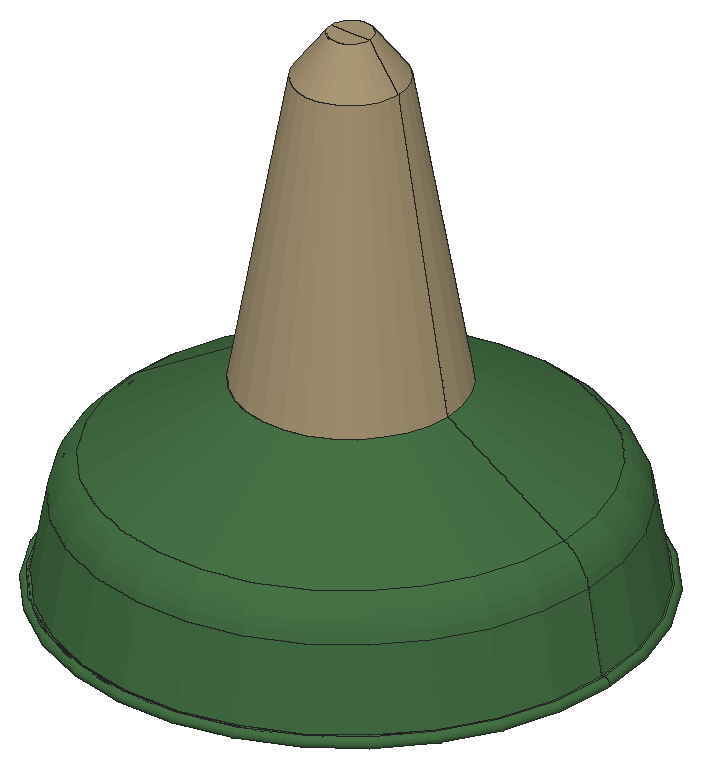
Revit family "W510.WH6", category Lighting Fixtures, Revit 2024
Family settings
  Round Connector Dimension = Use Diameter
  Part Type = Normal
  OmniClass Number = 23.80.70.00
  OmniClass Title = Lighting
  Work Plane-Based = No
  Always vertical = Yes
  Cut with Voids When Loaded = No
  Light Source = No
  Maintain Annotation Orientation = No
  Shared = No
  Room Calculation Point = No
Parameters
  Default Elevation = 0' - 0"
Reference planes (in)
  plane 1 "Light Source Axis (F/B)": y = 0
  plane 2: z = 0
  plane 3 "Light Source Axis (L/R)": x = 0
  plane 4 "Light Source Elevation": z = 54
Forms (in)
  Revolve 1, solid, material "WOOD"
    sketch origin (0, 0, 15.53887) x (1, 0, 0) y (0, 0, 1)
      loop
        line (0, 48.10101) -> (0, 42.10101) -> (1.875, 42.10101) -> (0.9375, 47.35101) -> (0.375, 48.10101) -> (0, 48.10101)
      axis (0, 48.10101) -> (0, 42.10101)
    angle from 0 to 360
  Revolve 2, solid, material "42"
    sketch origin (0, 0, 0) x (1, 0, 0) y (0, 0, 1)
      loop
        line (4.85567, 54.1875) -> (4.60474, 55.61056)
        arc (4.60474, 55.61056) -> (4.44702, 55.99899) -> (4.14394, 56.28863) r 1
        line (4.14394, 56.28863) -> (1.875, 57.63988) -> (1.69178, 57.63988) -> (4.09537, 56.20844)
        arc (4.09537, 56.20844) -> (4.36967, 55.94602) -> (4.51242, 55.59428) r 0.90625
        line (4.51242, 55.59428) -> (4.76334, 54.17122) -> (4.84733, 54.02083)
        arc (4.84733, 54.02083) -> (4.99464, 54.0625) -> (4.90625, 54.1875) r 0.09375
        line (4.90625, 54.1875) -> (4.85567, 54.1875)
      axis (0, 57.63988) -> (0, 54.02083)
    angle from 0 to 360
Dimensions and locks (in)
  aligned and locked: level to plane 2
